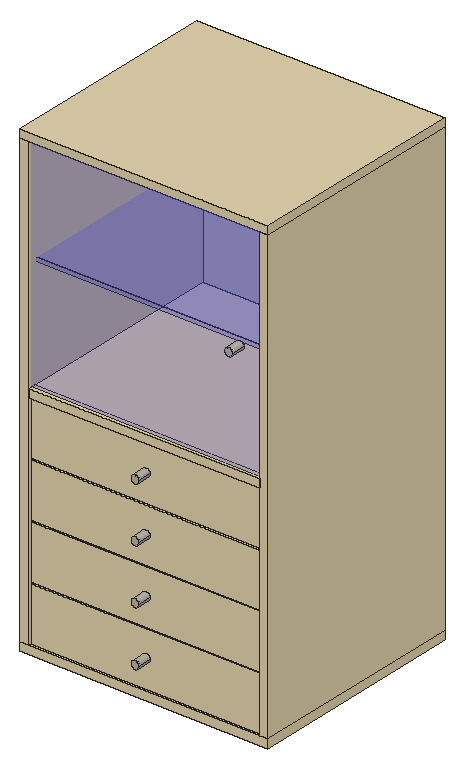
Revit family
Parameters
  Sys = 0 mm  # constant formula
  Verre = Verre
  Remplissage B [instance] = Tiroirs : Tiroirs
  Remplissage H [instance] = Porte Vitrée D : Porte Vitrée D
  Profondeur = 400 mm
  Poignées = Plastique - Gris
  Largeur = 450 mm
  Larg. Remplissage = Largeur - 30 mm + Sys  # 420 mm
  Hauteur = 850 mm
  Haut. Remplissage = (Hauteur / 2) - 22.5 mm + Sys  # 402.5 mm
  Finition = Bois - Hêtre
Reference planes
  plane 1 "Centre (avant/arrière)": y = 39.13
  plane 2: z = 0
  plane 3 "Centre (gauche/droite)": x = 15.318
  plane 4 "AR": y = 239.13
  plane 5: y = -160.87
  plane 6: x = -209.682
  plane 7: x = 240.318
  plane 8 "H": z = 850
  plane 9: x = -93.432
  plane 10: x = 124.068
  plane 11: z = 425
  plane 12 "AVP": y = -155.87
  plane 13: x = -202.182
  plane 14: x = 232.818
Forms (mm)
  Extrusion 1, solid, material "Bois - Hêtre" <- "Finition"
    sketch origin (0, 0, 0) x (-1, 0, 0) y (0, -1, 0)
      loop
        line (209.682, -239.13) -> (209.682, 160.87) -> (-240.318, 160.87) -> (-240.318, -239.13) -> (209.682, -239.13)
    from 0 to 15
  Extrusion 2, solid, material "Bois - Hêtre" <- "Finition"
    sketch origin (0, 0, 850) x (-1, 0, 0) y (0, -1, 0)
      loop
        line (209.682, -239.13) -> (209.682, 160.87) -> (-240.318, 160.87) -> (-240.318, -239.13) -> (209.682, -239.13)
    from 0 to -15
  Extrusion 3, solid, material "Bois - Hêtre" <- "Finition"
    sketch origin (0, 0, 15) x (-1, 0, 0) y (0, -1, 0)
      loop
        line (209.682, -239.13) -> (209.682, 160.87) -> (194.682, 160.87) -> (194.682, -239.13) -> (209.682, -239.13)
      loop
        line (-225.318, -239.13) -> (-225.318, 160.87) -> (-240.318, 160.87) -> (-240.318, -239.13) -> (-225.318, -239.13)
    from 820 to 0
  Extrusion 4, solid, material "Bois - Hêtre" <- "Finition"
    sketch origin (0, 239.13, 0) x (-1, 0, 0) y (0, 0, 1)
      loop
        line (194.682, 432.5) -> (-225.318, 432.5) -> (-225.318, 417.5) -> (194.682, 417.5) -> (194.682, 432.5)
    from -5 to -400
  Extrusion 5, solid, material "Bois - Hêtre" <- "Finition"
    sketch origin (0, 239.13, 0) x (-1, 0, 0) y (0, 0, 1)
      loop
        line (194.682, 835) -> (-225.318, 835) -> (-225.318, 15) -> (194.682, 15) -> (194.682, 835)
    from 0 to -5
Dimensions and locks
  "Largeur": plane 6 to plane 7
  "Profondeur": plane 4 "AR" to plane 5
  "Hauteur": plane 8 "H" to level
  equal spacing: plane 13, plane 9, plane 3 "Centre (gauche/droite)", plane 10, plane 14
  equal spacing: plane 4 "AR", plane 1 "Centre (avant/arrière)", plane 5
  locked: plane 6 to Extrusion 3 sketch curve at 15
  locked: Extrusion 3 sketch curve to plane 7 at 15
  equal spacing: Extrusion 4 sketch curve, plane 11, Extrusion 4 sketch curve
  locked: Extrusion 4 sketch curve to plane 11 at 7.5
  locked: plane 12 "AVP" to plane 5 at 5
  locked: plane 6 to plane 13 at 7.5
  locked: plane 14 to plane 7 at 7.5
  equal spacing: plane 8 "H", plane 11, plane 2
  aligned and locked: Extrusion 1 sketch curve to plane 4 "AR"
  aligned and locked: Extrusion 1 sketch curve to plane 7
  aligned and locked: plane 5 to Extrusion 1 sketch curve
  aligned and locked: plane 6 to Extrusion 1 sketch curve
  aligned and locked: plane 6 to Extrusion 2 sketch curve
  aligned and locked: Extrusion 2 sketch curve to plane 7
  aligned and locked: Extrusion 2 sketch curve to plane 4 "AR"
  aligned and locked: plane 5 to Extrusion 2 sketch curve
  aligned and locked: Extrusion 3 sketch curve to plane 4 "AR"  (x2)
  aligned and locked: Extrusion 3 sketch curve to plane 7
  aligned and locked: plane 6 to Extrusion 3 sketch curve
  aligned and locked: plane 5 to Extrusion 3 sketch curve  (x2)
  aligned and locked: Extrusion 3 to Extrusion 1
  aligned and locked: Extrusion 3 to Extrusion 2
  aligned and locked: Extrusion 3 to Extrusion 4 sketch curve  (x2)
  aligned and locked: Extrusion 4 to plane 5
  aligned and locked: Extrusion 3 to Extrusion 5 sketch curve  (x2)
  aligned and locked: Extrusion 2 to Extrusion 5 sketch curve
  aligned and locked: Extrusion 1 to Extrusion 5 sketch curve
  aligned and locked: nested 1 to Extrusion 1
  aligned and locked: plane 3 "Centre (gauche/droite)" to nested 1
  aligned and locked: nested 1 to plane 12 "AVP"
  aligned and locked: plane 3 "Centre (gauche/droite)" to nested 2
  aligned and locked: nested 2 to Extrusion 4
  aligned and locked: nested 2 to plane 12 "AVP"
Automatic sketch dimensions
  Extrusion 3 sketch curve to Extrusion 1 = 0 mm
Nested families
  nested 1: "Tiroirs" at (0, -195, 15), type <- "Remplissage B", type "Tiroirs"
  nested 2: "Porte Vitrée D" at (0, -195, 432.5), type <- "Remplissage H", type "Porte Vitrée D"
Definition of nested family "Tiroirs"
  Parameters (values of type "Tiroirs")
    Profondeur = 400 mm
    Poignées = Plastique - Gris
    Largeur = 420 mm
    Hauteur = 402.5 mm
    Finition = Bois - Hêtre
    Assembly Code = ""
  Reference planes
    plane 1 "Centre (avant/arrière)": y = 39.13
    plane 2: z = 0
    plane 3 "Centre (gauche/droite)": x = 15.318
    plane 4: x = -194.682
    plane 5: x = 225.318
    plane 6 "H": z = 402.5
    plane 7 "02": z = 201.25
    plane 8 "01": z = 100.625
    plane 9 "03": z = 301.875
    plane 10: z = 352.187
    plane 11: z = 251.562
    plane 12: z = 150.937
    plane 13: z = 50.312
  Forms (mm)
    Extrusion 1, solid, material "Bois - Hêtre" <- "Finition"
      sketch origin (0, 0, 0) x (1, 0, 0) y (0, 1, 0)
        loop
          line (-194.682, 39.13) -> (225.318, 39.13) -> (225.318, 54.13) -> (-194.682, 54.13) -> (-194.682, 39.13)
      from 0 to 98.125
    Extrusion 2, solid, material "Bois - Hêtre" <- "Finition"
      sketch origin (0, 0, 100.625) x (-1, 0, 0) y (0, -1, 0)
        loop
          line (-225.318, -54.13) -> (194.682, -54.13) -> (194.682, -39.13) -> (-225.318, -39.13) -> (-225.318, -54.13)
      from 0 to 98.125
    Extrusion 3, solid, material "Bois - Hêtre" <- "Finition"
      sketch origin (0, 0, 201.25) x (-1, 0, 0) y (0, -1, 0)
        loop
          line (-225.318, -54.13) -> (194.682, -54.13) -> (194.682, -39.13) -> (-225.318, -39.13) -> (-225.318, -54.13)
      from 0 to 98.125
    Extrusion 4, solid, material "Bois - Hêtre" <- "Finition"
      sketch origin (0, 0, 301.875) x (-1, 0, 0) y (0, -1, 0)
        loop
          line (-225.318, -54.13) -> (194.682, -54.13) -> (194.682, -39.13) -> (-225.318, -39.13) -> (-225.318, -54.13)
      from 0 to 100.625
    Extrusion 5, solid, material "Plastique - Gris" <- "Poignées", detail levels fine
      sketch origin (0, 39.13, 0) x (1, 0, 0) y (0, 0, 1)
        loop
          circle (15.318, 352.187) r 7
        loop
          circle (15.318, 251.562) r 7
        loop
          circle (15.318, 150.937) r 7
        loop
          circle (15.318, 50.312) r 7
      from 0 to 25
  Dimensions and locks
    "Largeur": plane 4 to plane 5
    "Hauteur": plane 6 "H" to level
    equal spacing: plane 4, plane 3 "Centre (gauche/droite)", plane 5
    locked: plane 1 "Centre (avant/arrière)" to Extrusion 1 sketch curve at 15
    locked: plane 8 "01" to Extrusion 1 at 2.5
    locked: plane 7 "02" to Extrusion 2 at 2.5
    locked: plane 9 "03" to Extrusion 3 at 2.5
    equal spacing: plane 6 "H", plane 10, plane 9 "03", plane 11, plane 7 "02", plane 12, plane 8 "01", plane 13, plane 2
    aligned and locked: Extrusion 1 sketch curve to plane 4
    aligned and locked: plane 5 to Extrusion 1 sketch curve
    aligned and locked: plane 1 "Centre (avant/arrière)" to Extrusion 1 sketch curve
    aligned and locked: Extrusion 1 to level
    aligned and locked: Extrusion 2 sketch curve to Extrusion 1  (x4)
    aligned and locked: Extrusion 3 sketch curve to Extrusion 2  (x4)
    aligned and locked: Extrusion 4 sketch curve to Extrusion 3  (x4)
    aligned and locked: plane 6 "H" to Extrusion 4
  Automatic sketch dimensions
    Extrusion 5 sketch curve to plane 3 "Centre (gauche/droite)" = 0 mm  (x4)
    Extrusion 5 sketch curve to plane 13 = 0 mm
    Extrusion 5 sketch curve to plane 12 = 0 mm
    Extrusion 5 sketch curve to plane 11 = 0 mm
    Extrusion 5 sketch curve to plane 10 = 0 mm
    radius of Extrusion 5 sketch curve = 7 mm  (x4)
Definition of nested family "Porte Vitrée D"
  Parameters (values of type "Porte Vitrée D")
    Verre = Verre
    Profondeur = 400 mm
    Poignée = Plastique - Gris
    Largeur = 420 mm
    Hauteur = 402.5 mm
    Assembly Code = ""
  Reference planes
    plane 1 "Centre (avant/arrière)": y = 39.13
    plane 2: z = 0
    plane 3 "Centre (gauche/droite)": x = 15.318
    plane 4: x = -194.682
    plane 5: x = 225.318
    plane 6 "H": z = 402.5
    plane 7: z = 201.25
    plane 8: y = 439.13
    plane 9 "ART": y = 429.13
    plane 10: x = -154.682
    plane 11: x = 185.318
  Forms (mm)
    Extrusion 1, solid, material "Verre" <- "Verre"
      sketch origin (0, 0, 0) x (1, 0, 0) y (0, 1, 0)
        loop
          line (-194.682, 39.13) -> (225.318, 39.13) -> (225.318, 47.13) -> (-194.682, 47.13) -> (-194.682, 39.13)
      from 0 to 402.5
    Extrusion 2, solid, material "Verre" <- "Verre", detail levels medium+fine
      sketch origin (0, 429.13, 0) x (-1, 0, 0) y (0, 0, 1)
        loop
          line (194.682, 197.25) -> (194.682, 205.25) -> (-225.318, 205.25) -> (-225.318, 197.25) -> (194.682, 197.25)
      from 0 to -377.226
    Extrusion 3, solid, material "Plastique - Gris" <- "Poignée", detail levels fine
      sketch origin (0, 39.13, 0) x (1, 0, 0) y (0, 0, 1)
        loop
          circle (185.318, 201.25) r 7
      from 0 to 25
  Dimensions and locks
    "Largeur": plane 4 to plane 5
    "Hauteur": plane 6 "H" to level
    equal spacing: plane 4, plane 3 "Centre (gauche/droite)", plane 5
    locked: plane 1 "Centre (avant/arrière)" to Extrusion 1 sketch curve at 8
    equal spacing: plane 6 "H", plane 7, plane 2
    "Profondeur": plane 1 "Centre (avant/arrière)" to plane 8
    locked: plane 8 to plane 9 "ART" at 10
    equal spacing: Extrusion 2 sketch curve, plane 7, Extrusion 2 sketch curve
    locked: plane 7 to Extrusion 2 sketch curve at 4
    locked: Extrusion 2 to Extrusion 1 at 4.774
    locked: plane 10 to plane 4 at 40
    locked: plane 5 to plane 11 at 40
    aligned and locked: Extrusion 1 sketch curve to plane 4
    aligned and locked: plane 5 to Extrusion 1 sketch curve
    aligned and locked: plane 1 "Centre (avant/arrière)" to Extrusion 1 sketch curve
    aligned and locked: Extrusion 1 to level
    aligned and locked: plane 6 "H" to Extrusion 1
    aligned and locked: Extrusion 2 sketch curve to plane 4
    aligned and locked: plane 5 to Extrusion 2 sketch curve
  Automatic sketch dimensions
    Extrusion 3 sketch curve to plane 7 = 0 mm
    Extrusion 3 sketch curve to plane 11 = 0 mm
    radius of Extrusion 3 sketch curve = 7 mm
